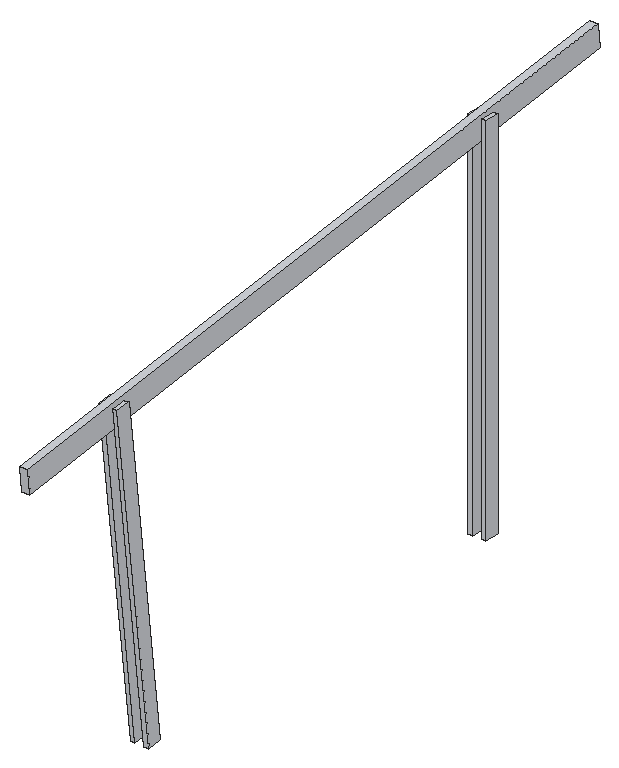
Revit family
Parameters
  fPILASTRO_luce = sqrt((PILASTRO_altezza - 2 * PILASTRO_asse) ^ 2 + INTERASSE ^ 2 - FALDA_luce ^ 2)  # 654.5781 cm
  TRAVE_luce = 928.2009 cm
  TRAVE_asse = FALDA_asse  # 24.6783 cm
  TRAVE_SezRes = FALDA_SezRes  # 49.3565 cm
  SEPARATORE = 1.0 cm
  PILASTRO_largh = PILASTRO_SezRes / 3  # 10.0 cm
  PILASTRO_asse = PILASTRO_SezRes / 2  # 15.0 cm
  PILASTRO_altezza = 800.0 cm  # constant formula
  PILASTRO_SezRes = 30.0 cm  # constant formula
  INTERASSE = 900.0 cm
  INCLINATA_falda = 7.00°
  FALDA_luce = INTERASSE * cos(INCLINATA_falda) + (PILASTRO_altezza - 2 * PILASTRO_asse) * sin(INCLINATA_falda)  # 987.1309 cm
  FALDA_larg = FALDA_SezRes / 3  # 16.4522 cm
  FALDA_front = 240.0 cm
  FALDA_back = 300.0 cm
  FALDA_asse = FALDA_SezRes / 2  # 24.6783 cm
  FALDA_SezRes = FALDA_luce / 20  # 49.3565 cm
  ALTEZZA libera = 220.0 cm  # constant formula
Reference planes (cm)
  plane 1 "Centro (Fronte/Retro)": y = 0
  plane 2: z = 0
  plane 3 "Centro (Sinistra/Destra)": x = 0
  plane 4: x = 10
  plane 5: y = -30
  plane 6: y = -15
  plane 7: z = 800
  plane 8: z = 785
  plane 9: y = -915
  plane 10: z = 15
  plane 11: through (426.72, -14.6445, 785.0437) normal (0, 0.1219, -0.9925)
  plane 12: through (426.72, -904.6311, -69.4476) normal (0, -0.9925, -0.1219)
  plane 13: through (426.72, -1274.6616, 974.8864) normal (0, 0.9925, 0.1219)
  plane 14: through (426.72, -1524.5992, 624.5081) normal (0, -0.1219, 0.9925)
  plane 15: through (426.72, -1468.3033, 581.6932) normal (0, -0.1219, 0.9925)
  plane 16: through (426.72, 3.6235, 633.3235) normal (0, -0.9925, -0.1219)
  plane 17: through (426.72, 235.287, 1208.2285) normal (0, 0.9925, 0.1219)
  plane 18: x = 11
  plane 19: x = 27.4522
  plane 20: x = 28.4522
  plane 21: x = 38.4522
  plane 22: through (426.72, -1110.6871, 665.5792) normal (0, -0.1219, 0.9925)
  plane 23: through (426.72, -870.4555, 20.4694) normal (0, 0.1219, -0.9925)
  plane 24: through (426.72, -982.6249, -8.4159) normal (0, -0.1219, 0.9925)
  plane 25: through (426.72, -1018.2523, 732.8402) normal (0, 0.9925, 0.1219)
  plane 26: through (426.72, -988.476, 736.4963) normal (0, 0.9925, 0.1219)
  plane 27: z = 220
  plane 28: z = 244.6783
  plane 29: z = 269.3565
  plane 30: y = -943.2009
Forms (cm)
  Extrusion 1, solid
    sketch origin (0, 0, 0) x (1, 0, 0) y (0, 1, 0)
      loop
        line (0, -30) -> (10, -30) -> (10, 0) -> (0, 0) -> (0, -30)
    from 0 to 800
  Extrusion 2, solid
    sketch origin (0, 0, 0) x (0, 1, 0) y (0, 0, 1)
      loop
        line (-1235.9916, 659.9447) -> (-1229.9766, 610.956) -> (285.7714, 797.0665) -> (279.7563, 846.0551) -> (-1235.9916, 659.9447)
    from 11 to 27.4522
  Extrusion 3, solid
    sketch origin (65.7102, 0, 0) x (-1, 0, 0) y (0, -1, 0)
      loop
        line (27.258, 30) -> (27.258, 0) -> (37.258, 0) -> (37.258, 30) -> (27.258, 30)
    from 0 to 800
  Extrusion 4, solid
    sketch origin (0, 0, 0) x (0, 1, 0) y (0, 0, 1)
      loop
        line (-1011.4892, 677.7592) -> (-928.0602, -1.7162) -> (-898.2838, 1.9398) -> (-981.7129, 681.4152) -> (-1011.4892, 677.7592)
    from 0 to 10
  Extrusion 5, solid
    sketch origin (0, 0, 0) x (0, 1, 0) y (0, 0, 1)
      loop
        line (-1011.4892, 677.7592) -> (-928.0602, -1.7162) -> (-898.2838, 1.9398) -> (-981.7129, 681.4152) -> (-1011.4892, 677.7592)
    from 28.4522 to 38.4522
Lines and regions (cm)
  model lines
    curve 1: line (0, 0, 0) -> (10, 0, 0)
    curve 2: line (10, 0, 0) -> (10, -30, 0)
    curve 3: line (10, -30, 0) -> (0, -30, 0)
    curve 10: line (38.4522, -30, 0) -> (38.4522, 0, 0)
  reference lines
    curve 4: line (0, -1235.9916, 659.9447) -> (0, -1229.9766, 610.956)
    curve 5: line (0, -1229.9766, 610.956) -> (0, 285.7714, 797.0665)
    curve 6: line (0, 285.7714, 797.0665) -> (0, 279.7563, 846.0551)
    curve 7: line (0, 279.7563, 846.0551) -> (0, -1235.9916, 659.9447)
    curve 8: line (11, -30, 0) -> (27.4522, -30, 0)
    curve 9: line (18.8551, -30, 0) -> (18.8551, 6, 0)
    curve 11: line (38.4522, 0, 0) -> (38.4522, -30, 0)
    curve 12: line (0, -994.773, 664.699) -> (0, -915, 15)
    curve 13: line (0, -1063.2433, 656.2919) -> (0, -1033.5313, 0.4462)
    curve 14: line (0, -968.5415, 667.9198) -> (0, -796.4687, 29.5538)
    curve 15: line (0, -1011.4892, 677.7592) -> (0, -981.7129, 681.4152)
    curve 16: line (0, -981.7129, 681.4152) -> (0, -898.2838, 1.9398)
    curve 17: line (0, -898.2838, 1.9398) -> (0, -928.0602, -1.7162)
    curve 18: line (0, -928.0602, -1.7162) -> (0, -1011.4892, 677.7592)
Dimensions and locks (cm)
  "PILASTRO_largh": plane 3 "Centro (Sinistra/Destra)" to plane 4
  "PILASTRO_asse": plane 6 to plane 1 "Centro (Fronte/Retro)"
  "PILASTRO_SezRes": plane 5 to plane 1 "Centro (Fronte/Retro)"
  "PILASTRO_altezza": plane 7 to level
  "PILASTRO_asse": plane 8 to plane 7
  "INTERASSE": plane 9 to plane 6
  "PILASTRO_asse": plane 10 to plane 2
  "FALDA_asse": plane 11 to plane 14
  "FALDA_SezRes": plane 14 to plane 15
  "FALDA_front": plane 12 to plane 13
  "FALDA_luce": plane 12 to plane 16
  "FALDA_back": plane 17 to plane 16
  "SEPARATORE": plane 4 to plane 18
  "FALDA_larg": plane 18 to plane 19
  "SEPARATORE": plane 19 to plane 20
  "PILASTRO_largh": plane 20 to plane 21
  "fPILASTRO_luce": plane 23 to plane 11
  "PILASTRO_asse": plane 22 to plane 11
  "PILASTRO_asse": plane 24 to plane 23
  "PILASTRO_asse": plane 12 to plane 25
  "PILASTRO_SezRes": plane 26 to plane 25
  "ALTEZZA libera": plane 2 to plane 27
  "TRAVE_asse": plane 27 to plane 28
  "TRAVE_SezRes": plane 27 to plane 29
  "TRAVE_luce": plane 30 to plane 6
  "INCLINATA_falda": angle plane 8 to plane 11
  "INCLINATA_falda": angle plane 9 to plane 12
  "INCLINATA_falda": angle plane 6 to plane 16
  "INCLINATA_falda": angle plane 6 to plane 17
  "INCLINATA_falda": angle plane 9 to plane 13
  "INCLINATA_falda": angle plane 10 to plane 15
  "INCLINATA_falda": angle plane 8 to plane 14
  "INCLINATA_falda": angle plane 8 to plane 22
  aligned and locked: Extrusion 1 sketch curve to curve 1
  aligned and locked: Extrusion 1 sketch curve to curve 2
  aligned and locked: Extrusion 1 sketch curve to curve 3
  aligned and locked: Extrusion 1 to plane 7
  aligned and locked: Extrusion 2 sketch curve to curve 4
  aligned and locked: Extrusion 2 sketch curve to curve 7
  aligned and locked: Extrusion 2 sketch curve to curve 6
  aligned and locked: Extrusion 2 sketch curve to curve 5
  aligned and locked: plane 19 to Extrusion 2
  aligned and locked: Extrusion 2 to plane 18
  aligned and locked: Extrusion 3 to plane 1 "Centro (Fronte/Retro)"
  aligned and locked: Extrusion 3 to plane 5
  aligned and locked: plane 20 to Extrusion 3
  aligned and locked: plane 21 to Extrusion 3
  aligned and locked: Extrusion 4 sketch curve to curve 15
  aligned and locked: Extrusion 4 sketch curve to curve 16
  aligned and locked: Extrusion 4 sketch curve to curve 18
  aligned and locked: Extrusion 4 sketch curve to curve 17
  aligned and locked: plane 4 to Extrusion 4
  aligned and locked: Extrusion 4 to plane 3 "Centro (Sinistra/Destra)"
Automatic sketch dimensions
  curve 3 to plane 3 "Centro (Sinistra/Destra)" = 0.0 cm
  curve 1 to plane 1 "Centro (Fronte/Retro)" = 0.0 cm
  curve 1 to plane 3 "Centro (Sinistra/Destra)" = 0.0 cm
  curve 2 to plane 4 = 0.0 cm
  curve 10 to plane 1 "Centro (Fronte/Retro)" = 0.0 cm
  curve 10 to plane 21 = 0.0 cm
  curve 3 to plane 5 = 0.0 cm
  curve 10 to plane 5 = 0.0 cm
  Extrusion 1 sketch curve to plane 3 "Centro (Sinistra/Destra)" = 0.0 cm
  curve 7 to plane 13 = 0.0 cm
  curve 7 to plane 14 = 0.0 cm
  curve 5 to plane 13 = 0.0 cm
  curve 5 to plane 15 = 0.0 cm
  curve 13 to plane 11 = 0.0 cm
  curve 13 to plane 23 = 0.0 cm
  curve 15 to plane 22 = 0.0 cm
  curve 15 to plane 25 = 0.0 cm
  curve 12 to plane 11 = 0.0 cm
  curve 12 to plane 12 = 0.0 cm
  curve 16 to plane 22 = 0.0 cm
  curve 16 to plane 26 = 0.0 cm
  curve 14 to plane 11 = 0.0 cm
  curve 18 to plane 24 = 0.0 cm
  curve 12 to plane 9 = 0.0 cm
  curve 14 to plane 23 = 0.0 cm
  curve 7 to plane 17 = 0.0 cm
  curve 12 to plane 10 = 0.0 cm
  plane 8 to curve 13 = 128.7081 cm
  level to curve 13 = 0.4462 cm
  curve 15 to curve 14 = 13.1714 cm
  curve 14 to plane 10 = 14.5538 cm
  curve 8 to plane 5 = 0.0 cm
  curve 8 to plane 18 = 0.0 cm
  curve 8 to plane 19 = 0.0 cm
  curve 11 to plane 5 = 0.0 cm
  curve 11 to plane 21 = 0.0 cm
  curve 11 to plane 1 "Centro (Fronte/Retro)" = 0.0 cm
  plane 18 to curve 9 = 7.8551 cm
  curve 9 to plane 1 "Centro (Fronte/Retro)" = 6.0 cm
  Extrusion 3 sketch curve to plane 1 "Centro (Fronte/Retro)" = 0.0 cm
  Extrusion 3 sketch curve to plane 21 = 0.0 cm
  Extrusion 3 sketch curve to plane 5 = 0.0 cm
  Extrusion 3 sketch curve to plane 20 = 0.0 cm
  Extrusion 5 sketch curve to plane 22 = 0.0 cm  (x2)
  Extrusion 5 sketch curve to plane 25 = 0.0 cm
  Extrusion 5 sketch curve to plane 26 = 0.0 cm
  Extrusion 5 sketch curve to plane 24 = 0.0 cm
